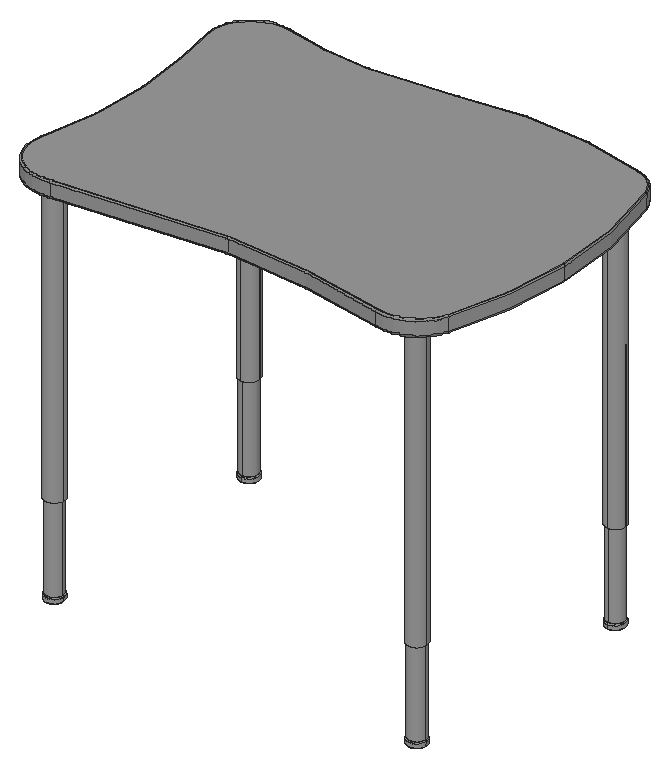
Revit family "Beluga Medium - Shapes", category Generic Models, Revit 2018
Family settings
  Can host rebar = No
  Round Connector Dimension = Use Diameter
  Part Type = Normal
  Work Plane-Based = No
  Always vertical = Yes
  Cut with Voids When Loaded = No
  Shared = No
  Room Calculation Point = No
Parameters
  Surface = Beluga Desk Medium Surface
  Leg Finish = Shapes Leg Platinum
  Height = 2' - 5"
  Edgeband = Beluga Desk Medium Edgeband
  Casters/Gliders = Shapes Leg - Glide : Shapes Leg - Glide
Reference planes (in)
  plane 1 "Center (Front/Back)": y = 0
  plane 2: z = 0
  plane 3 "Center (Left/Right)": x = 0
  plane 4: z = 29
Dimensions and locks (in)
  "Height": plane 4 to level
  aligned and locked: plane 2 to level
  aligned and locked: nested 1 to plane 4
Nested families (in)
  nested 1: "Beluga Medium Tabletop" at (0, 0, 0.83068), type "Beluga Medium Tabletop"
  nested 2: "Shapes Leg - Glide" at (-14.23313, 9.87276, 0) x (0, 1, 0) z (0, 0, 1), Leg Height <- "Height", type <- "Casters/Gliders", Shapes Leg Finish <- "Leg Finish", type "Shapes Leg - Glide"
    with Shapes Leg Finish Shapes Leg Platinum, Leg Height 2' - 5"
  nested 3: "Shapes Leg - Glide" at (14.01378, 9.56083, 0) x (0, 1, 0) z (0, 0, 1), Leg Height <- "Height", type <- "Casters/Gliders", Shapes Leg Finish <- "Leg Finish", type "Shapes Leg - Glide"
    with Shapes Leg Finish Shapes Leg Platinum, Leg Height 2' - 5"
  nested 4: "Shapes Leg - Glide" at (-14.13014, -8.85846, 0), Leg Height <- "Height", Shapes Leg Finish <- "Leg Finish", type "Shapes Leg - Glide"
    with Shapes Leg Finish Shapes Leg Platinum, Leg Height 2' - 5"
  nested 5: "Shapes Leg - Glide" at (13.75466, -9.07955, 0), Leg Height <- "Height", Shapes Leg Finish <- "Leg Finish", type "Shapes Leg - Glide"
    with Shapes Leg Finish Shapes Leg Platinum, Leg Height 2' - 5"
Definition of nested family "Beluga Medium Tabletop"
  Parameters (values of type "Beluga Medium Tabletop")
    Surface = none
    Edgeband = none
  Reference planes (in)
    plane 1 "Center (Front/Back)": y = 0
    plane 2: z = 0
    plane 3 "Center (Left/Right)": x = 0
  Forms (in)
    Extrusion 1, solid, material <- "Surface"
      sketch origin (0, 0, 0) x (1, 0, 0) y (0, 1, 0)
        loop
          arc (-13.05798, 12.08168) -> (-15.64341, 11.36326) -> (-16.46477, 8.80867) r 2.82789
          line (-16.46477, 8.80867) -> (-15.88516, 5.68142)
          arc (-15.88516, 5.68142) -> (-15.40806, -0.79534) -> (-16.35239, -7.22063) r 29.65208
          arc (-16.35239, -7.22063) -> (-15.56424, -10.17848) -> (-12.64139, -11.08784) r 3.16705
          arc (-12.64139, -11.08784) -> (-6.35331, -10.12649) -> (0, -9.81097) r 62.33765
          arc (0, -9.81097) -> (6.2572, -10.16084) -> (12.43935, -11.18852) r 57.59241
          arc (12.43935, -11.18852) -> (14.6727, -10.8588) -> (16.1145, -9.12163) r 3.15622
          arc (16.1145, -9.12163) -> (17.2485, -4.62246) -> (17.65018, 0) r 28.9898
          arc (17.65018, 0) -> (17.26847, 4.97473) -> (16.06857, 9.81765) r 30.03763
          arc (16.06857, 9.81765) -> (15.33862, 10.95737) -> (14.16003, 11.62272) r 2.80546
          arc (14.16003, 11.62272) -> (7.04441, 12.69556) -> (-0.12141, 12.03676) r 29.89142
          arc (-0.12141, 12.03676) -> (-3.26921, 11.52773) -> (-6.45286, 11.34834) r 30.66359
          arc (-6.45286, 11.34834) -> (-9.7765, 11.52517) -> (-13.05798, 12.08168) r 28.99825
      from 28.16932 to 29.36932
    Sweep 2, solid, material <- "Edgeband"
      path origin (0, 0, 0) x (1, 0, 0) y (0, 1, 0)
        loop
          arc (-12.64139, -11.08784) -> (-6.35331, -10.12649) -> (0, -9.81097) r 62.33765
          arc (0, -9.81097) -> (6.2572, -10.16084) -> (12.43935, -11.18852) r 57.59241
          arc (12.43935, -11.18852) -> (14.6727, -10.8588) -> (16.1145, -9.12163) r 3.15622
          arc (16.1145, -9.12163) -> (17.2485, -4.62246) -> (17.65018, 0) r 28.9898
          arc (17.65018, 0) -> (17.26847, 4.97473) -> (16.06857, 9.81765) r 30.03763
          arc (16.06857, 9.81765) -> (15.33862, 10.95737) -> (14.16003, 11.62272) r 2.80546
          arc (14.16003, 11.62272) -> (7.04441, 12.69556) -> (-0.12141, 12.03676) r 29.89142
          arc (-0.12141, 12.03676) -> (-3.26921, 11.52773) -> (-6.45286, 11.34834) r 30.66359
          arc (-6.45286, 11.34834) -> (-9.7765, 11.52517) -> (-13.05798, 12.08168) r 28.99825
          arc (-13.05798, 12.08168) -> (-15.64341, 11.36326) -> (-16.46477, 8.80867) r 2.82789
          line (-16.46477, 8.80867) -> (-15.88516, 5.68142)
          arc (-15.88516, 5.68142) -> (-15.40806, -0.79534) -> (-16.35239, -7.22063) r 29.65208
          arc (-16.35239, -7.22063) -> (-15.56424, -10.17848) -> (-12.64139, -11.08784) r 3.16705
      profile origin (-6.35331, -10.12649, 0) x (-0.100496, 0.994938, 0) y (0, 0, 1)
        loop
          line (0, 28.16932) -> (0, 29.36932)
          arc (0, 29.36932) -> (-0.08278, 29.33503) -> (-0.11707, 29.25225) r 0.11707
          line (-0.11707, 29.25225) -> (-0.11707, 28.2864)
          arc (-0.11707, 28.2864) -> (-0.08278, 28.20361) -> (0, 28.16932) r 0.11707
  Dimensions and locks (in)
    aligned and locked: plane 2 to level
Definition of nested family "Shapes Leg - Glide"
  Parameters (values of type "Shapes Leg - Glider")
    Shapes Leg Finish [instance] = none
    Leg Height [instance] = 2' - 4 1/2"
  Reference planes (in)
    plane 1 "Center (Front/Back)": y = 0
    plane 2: z = 0
    plane 3 "Center (Left/Right)": x = 0
  Forms (in)
    Extrusion 1, solid
      sketch origin (-0.01562, 0, 0) x (1, 0, 0) y (0, 1, 0)
        loop
          circle (0.01563, 0) r 0.64906
      from 0.50586 to 20.17439
  Dimensions and locks (in)
    "Leg Height": nested 2 to level
    aligned and locked: plane 2 to level
  Automatic sketch dimensions
    plane 1 "Center (Front/Back)" to Extrusion 1 sketch curve = 0' - 0"
    Extrusion 1 sketch curve to plane 3 "Center (Left/Right)" = 0' - 0"
    radius of Extrusion 1 sketch curve = 0' - 0.64906"
  Nested families (in)
    nested 1: "Glider" at (0, 0, 0), type "Glider"
    nested 2: "Shapes Upper Leg" at (0, 0, 0), Shapes Leg Finish <- "Shapes Leg Finish", type "Shapes Upper Leg"
      with Shapes Leg Finish none
  Definition of nested family "Glider"
    Reference planes (in)
      plane 1 "Center (Front/Back)": y = 0
      plane 2: z = 0
      plane 3 "Center (Left/Right)": x = 0
    Forms (in)
      Revolve 1, solid
        sketch origin (0, 0, 0) x (1, 0, 0) y (0, 0, 1)
          loop
            line (0.26614, 0.50586) -> (0, 0.50586) -> (0, 0.09994) -> (0.71656, 0.09994) -> (0.71656, 0.37634)
            arc (0.71656, 0.37634) -> (0.70181, 0.41548) -> (0.66511, 0.43552) r 0.06011
            arc (0.66511, 0.43552) -> (0.46609, 0.45951) -> (0.26614, 0.47365) r 4.06535
            line (0.26614, 0.47365) -> (0.26614, 0.50586)
          axis (0, 0.50586) -> (0, 0.09994)
        angle from 0 to 360
      Revolve 2, solid
        sketch origin (0, 0, 0) x (1, 0, 0) y (0, 0, 1)
          loop
            line (0.65534, 0.1212) -> (0, 0.1212) -> (0, 0) -> (0.57593, 0)
            arc (0.57593, 0) -> (0.63208, 0.02326) -> (0.65534, 0.07941) r 0.07941
            line (0.65534, 0.07941) -> (0.65534, 0.1212)
          axis (0, 0.1212) -> (0, 0)
        angle from 0 to 360
    Dimensions and locks (in)
      aligned and locked: plane 2 to level
  Definition of nested family "Shapes Upper Leg"
    Parameters (values of type "Shapes Upper Leg")
      Shapes Leg Finish [instance] = none
    Reference planes (in)
      plane 1 "Center (Front/Back)": y = 0
      plane 2: z = 0
      plane 3 "Center (Left/Right)": x = 0
    Forms (in)
      Extrusion 1, solid, material <- "Shapes Leg Finish"
        sketch origin (0, 0, 0) x (1, 0, 0) y (0, 1, 0)
          loop
            circle (0, 0) r 0.75
        from 6.5 to 28.5
    Dimensions and locks (in)
      aligned and locked: plane 2 to level
